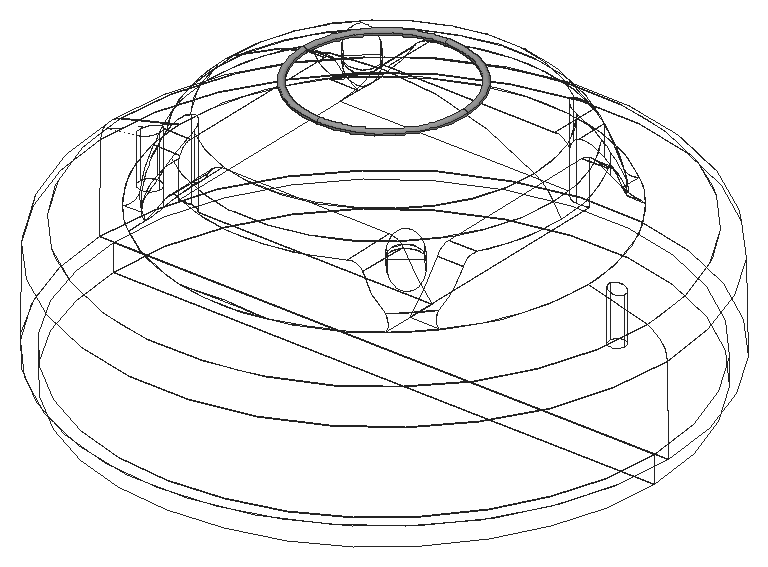
Revit family "Maxlogic Пожарные извещатели", category Fire Alarm Devices, host Face, Revit 2021
Family settings
  Host = Face
  Maintain Annotation Orientation = Yes
  Round Connector Dimension = Use Diameter
  Part Type = Normal
  OmniClass Number = 23.85.30.21
  OmniClass Title = Environmental Detection/Registration
  Cut with Voids When Loaded = No
  Shared = No
  Room Calculation Point = No
Parameters (values of type "Неадресный максимально-дифференциальный тепловой извещатель")
  Радиус обнаружения = "4,5 m"
  Вес = "135 гр"
  Монтажный короб для установки извещателя с поверхностной прокладкой кабеля = "ML-0121"
  Гарантийный срок = "Года"
  Гарантийный срок запчастей = "2"
  Гарантия срока службы = "2"
  Версия = ""
  URL = "https://www.mavili.com.tr/"
  Монтажный комплект для установки извещателя в подвесной потолок = "ML-0150"
  Номер позы общественных работ = "832-103"
  Класс защиты = ""
  Код продукта = "ML-2130"
  Номер телефона = "(+)90 216 466 45 05"
  Рабочее напряжение (по умолчанию) = "26 В Пост. ток"
  Диапазон рабочего напряжения = "10-30В Пост. ток"
  Рабочая Температура = "(-10°C) - (+50°C)"
  Номинальная глубина = "51 мм"
  Номинальная ширина = "106 мм"
  Номинальная высота = "106 мм"
  Multi sensör halka = no
  Монтажная поверхность = "Потолочная"
  Монтажная высота = ""
  Model = "Maxlogic"
  Manufacturer = "Mavili Elektronik Ticaret A.Ş."
  Isı halka = yes
  Инструкция по установке = "https://mavilielektronik.com/Revit/ML21XX_RU.pdf"
  Выход индикации = "MG-4000"
  Номер факса = "(+)90 216 466 45 10"
  Резервное питание = ""
  Почта = "mavili@mavili.com.tr"
  Отказ = ""
  Настройка адреса устройства = ""
  Description = "Неадресный максимально-дифференциальный тепловой извещатель"
  Default Elevation = 0 mm
  Потребление тока = ""
  Валюта = ""
  Cost = 0
  Совместимые базы для монтажа 2 = "ML-0141"
  Совместимые базы для монтажа = "ML-0140"
  Цвет = "Белый"
  Производительность кода = "EN 54-5"
  Главный Материал = "Белый пластмассовый PC/ABS"
  Вторичный материал = "Пластмассовый"
  Адрес №1 = "Şerifali Mahallesi Kutup Sokak No:27/1-2-4 Ümraniye TR-34775 İSTANBUL"
Types (11, lengths in mm): name | Радиус обнаружения | Вес | Номер позы общественных работ | Код продукта | Диапазон рабочего напряжения | Multi sensör halka | Монтажная поверхность | Isı halka | Инструкция по установке | Выход индикации | Настройка адреса устройства | Description | Производительность кода
  (no name) | "4,5 m" | "135 гр" | "832-103" | "ML-2130" | "10-30В Пост. ток" | no | "Потолочная" | yes | "https://mavilielektronik.com/Revit/ML21XX_RU.pdf" | "MG-4000" | "" | "Неадресный максимально-дифференциальный тепловой извещатель" | "EN 54-5"
  Maxlogic Неадресный извещатель дымовой оптико-электронный | "6,2 m" | "140 гр" | "832-106" | "ML-2110" | "10-30В Пост. ток" | no | "Потолочная" | no | "https://mavilielektronik.com/Revit/ML21XX_RU.pdf" | "MG-4000" | "" | "Неадресный извещатель дымовой оптико-электронный" | "EN 54-7"
  Maxlogic Адресный извещатель дымовой | "6,2 m" | "100 гр" | "833-500" | "ML-1110" | "18-33В Пост. ток" | no | "Настенная" | no | "https://mavilielektronik.com/Revit/ML11XX_RU.pdf" | "MG-4000.A" | "Модульная адресация" | "Адресный извещатель дымовой" | "EN 54-7"
  Maxlogic Адресный Извещатель дымовой с изолятором КЗ | "6,2 m" | "100 гр" | "833-501" | "ML-1110.SCI" | "18-33В Пост. ток" | no | "Потолочная" | no | "https://mavilielektronik.com/Revit/ML11XX_RU.pdf" | "MG-4000.A" | "Модульная адресация" | "Адресный Извещатель дымовой с изолятором КЗ" | "EN 54-7 / EN 54-17"
  Maxlogic Неадресный максимальный тепловой извещатель | "4,5 m" | "135 гр" | "832-102" | "ML-2120" | "10-30В Пост. ток" | no | "Потолочная" | yes | "https://mavilielektronik.com/Revit/ML21XX_RU.pdf" | "MG-4000" | "" | "Неадресный максимальный тепловой извещатель" | "EN 54-5"
  Неадресный максимально-дифференциальный тепловой извещатель | "4,5 m" | "135 гр" | "832-103" | "ML-2130" | "10-30В Пост. ток" | no | "Потолочная" | yes | "https://mavilielektronik.com/Revit/ML21XX_RU.pdf" | "MG-4000" | "" | "Неадресный максимально-дифференциальный тепловой извещатель" | "EN 54-5"
  Maxlogic  Адресный извещатель тепловой | "4,5 m" | "95 гр" | "833-520" | "ML-1130" | "18-33В Пост. ток" | no | "Потолочная" | yes | "https://mavilielektronik.com/Revit/ML11XX_RU.pdf" | "MG-4000.A" | "Модульная адресация" | "Адресный извещатель тепловой" | "EN 54-5"
  Maxlogic Адресный извещатель тепловой с изолятором КЗ | "4,5 m" | "95 гр" | "833-521" | "ML-1130.SCI" | "18-33В Пост. ток" | no | "Потолочная" | yes | "https://mavilielektronik.com/Revit/ML11XX_RU.pdf" | "MG-4000.A" | "Модульная адресация" | "Адресный извещатель тепловой с изолятором КЗ" | "EN 54-5 / EN 54-17"
  Maxlogic Неадресный извещатель комбинированый (Дым + Тепла) | "4,5 m" | "141 гр" | "832-109" | "ML-2140" | "10-30В Пост. ток" | yes | "Потолочная" | yes | "https://mavilielektronik.com/Revit/ML21XX_RU.pdf" | "MG-4000" | "" | "Неадресный извещатель комбинированый (Дым + Тепла)" | "EN 54-5 / EN 54-7"
  Maxlogic Адресный извещатель комбинированый (Дым + Тепла) | "4,5 m" | "100 гр" | "833-530" | "ML-1140" | "18-33В Пост. ток" | yes | "Потолочная" | yes | "https://mavilielektronik.com/Revit/ML11XX_RU.pdf" | "MG-4000.A" | "Модульная адресация" | "Адресный извещатель комбинированый (Дым + Тепла)" | "EN 54-5 / EN 54-7 / EN 54-17"
  Maxlogic Адресный извещатель комбинированый (Дым + Тепла) с изолятором КЗ | "4,5 m" | "100 гр" | "833-531" | "ML-1140.SCI" | "18-33В Пост. ток" | yes | "Потолочная" | yes | "https://mavilielektronik.com/Revit/ML11XX_RU.pdf" | "MG-4000.A" | "Модульная адресация" | "Адресный извещатель комбинированый (Дым + Тепла) с изолятором КЗ" | "EN 54-5 / EN 54-7 / EN 54-17"
Reference planes
  plane 1 "Center (Front/Back)": y = 0
  plane 2: z = 0
  plane 3 "Center (Left/Right)": x = 0
Forms (mm)
  Revolve 1, solid, material "Mavili beyaz"
    sketch origin (0, 0, 0) x (1, 0, 0) y (0, 0, 1)
      loop
        line (-52.919, 5) -> (0, 5) -> (0, 51.518)
        arc (0, 51.518) -> (-14.553, 49.716) -> (-28.057, 44) r 53.06
        arc (-28.057, 44) -> (-30.023, 42.467) -> (-31.557, 40.5) r 10.149
        arc (-31.557, 40.5) -> (-33.994, 35.835) -> (-35.524, 30.799) r 28.268
        arc (-35.524, 30.799) -> (-36.595, 29.67) -> (-38, 29) r 4.27
        line (-38, 29) -> (-48.929, 26.072)
        arc (-48.929, 26.072) -> (-51.575, 24.32) -> (-52.634, 21.329) r 5
        line (-52.634, 21.329) -> (-52.919, 5)
      axis (0, 5) -> (0, 51.518)
    angle from 0 to 360
  Revolve 2, solid, material "Mavili beyaz"
    sketch origin (-150, 0, 0) x (1, 0, 0) y (0, 0, 1)
      loop
        line (99.626, 5) -> (99.626, 0) -> (149.926, 0) -> (149.926, 5) -> (99.626, 5)
      axis (149.926, 0) -> (149.926, 5)
    angle from 0 to 360
  Extrusion 3, void
    sketch origin (-0.604, 5.6, 0) x (0, -1, 0) y (0, 0, 1)
      loop
        spline (-12.932, 36.606) -> (-13.32, 35.909) -> (-13.72, 35.223) -> (-14.132, 34.547) -> (-14.556, 33.882) -> (-14.992, 33.229) -> (-15.439, 32.588) -> (-15.897, 31.958) -> (-16.366, 31.341) -> (-16.847, 30.737) -> (-17.338, 30.145) -> (-17.839, 29.566) -> (-18.351, 29)
        line (-18.351, 29) -> (29.551, 29)
        spline (29.551, 29) -> (28.951, 29.556) -> (28.363, 30.124) -> (27.786, 30.704) -> (27.219, 31.297) -> (26.664, 31.901) -> (26.121, 32.516) -> (25.589, 33.143) -> (25.07, 33.781) -> (24.562, 34.43) -> (24.067, 35.09) -> (23.585, 35.759) -> (23.115, 36.439)
        spline (23.115, 36.439) -> (22.965, 36.668) -> (22.796, 36.886) -> (22.611, 37.091) -> (22.411, 37.28) -> (22.199, 37.451) -> (21.978, 37.602) -> (21.751, 37.73) -> (21.521, 37.835) -> (21.289, 37.914) -> (21.06, 37.967) -> (20.837, 37.993) -> (20.618, 38)
        line (20.618, 38) -> (-10.439, 37.994)
        spline (-10.439, 37.994) -> (-10.678, 37.983) -> (-10.918, 37.951) -> (-11.159, 37.897) -> (-11.397, 37.822) -> (-11.63, 37.727) -> (-11.856, 37.613) -> (-12.072, 37.481) -> (-12.276, 37.332) -> (-12.466, 37.169) -> (-12.64, 36.992) -> (-12.796, 36.804) -> (-12.932, 36.606)
    from 23.347 to 38.235
  Extrusion 4, void
    sketch origin (5.6, -13.629, 0) x (-1, 0, 0) y (0, 0, -1)
      loop
        spline (-12.932, -36.606) -> (-12.796, -36.804) -> (-12.64, -36.992) -> (-12.466, -37.169) -> (-12.276, -37.332) -> (-12.072, -37.481) -> (-11.856, -37.613) -> (-11.63, -37.727) -> (-11.397, -37.822) -> (-11.159, -37.897) -> (-10.918, -37.951) -> (-10.678, -37.983) -> (-10.439, -37.994)
        line (-10.439, -37.994) -> (20.618, -38)
        spline (20.618, -38) -> (20.837, -37.993) -> (21.06, -37.967) -> (21.289, -37.914) -> (21.521, -37.835) -> (21.751, -37.73) -> (21.978, -37.602) -> (22.199, -37.451) -> (22.411, -37.28) -> (22.611, -37.091) -> (22.796, -36.886) -> (22.965, -36.668) -> (23.115, -36.439)
        spline (23.115, -36.439) -> (23.585, -35.759) -> (24.067, -35.09) -> (24.562, -34.43) -> (25.07, -33.781) -> (25.589, -33.143) -> (26.121, -32.516) -> (26.664, -31.901) -> (27.219, -31.297) -> (27.786, -30.704) -> (28.363, -30.124) -> (28.951, -29.556) -> (29.551, -29)
        line (29.551, -29) -> (-18.351, -29)
        spline (-18.351, -29) -> (-17.839, -29.566) -> (-17.338, -30.145) -> (-16.847, -30.737) -> (-16.366, -31.341) -> (-15.897, -31.958) -> (-15.439, -32.588) -> (-14.992, -33.229) -> (-14.556, -33.882) -> (-14.132, -34.547) -> (-13.72, -35.223) -> (-13.32, -35.909) -> (-12.932, -36.606)
    from 5.109 to 23.424
  Extrusion 5, void
    sketch origin (5.6, 59.203, 0) x (-1, 0, 0) y (0, 0, 1)
      loop
        spline (-12.932, 36.606) -> (-13.32, 35.909) -> (-13.72, 35.223) -> (-14.132, 34.547) -> (-14.556, 33.882) -> (-14.992, 33.229) -> (-15.439, 32.588) -> (-15.897, 31.958) -> (-16.366, 31.341) -> (-16.847, 30.737) -> (-17.338, 30.145) -> (-17.839, 29.566) -> (-18.351, 29)
        line (-18.351, 29) -> (29.551, 29)
        spline (29.551, 29) -> (28.951, 29.556) -> (28.363, 30.124) -> (27.786, 30.704) -> (27.219, 31.297) -> (26.664, 31.901) -> (26.121, 32.516) -> (25.589, 33.143) -> (25.07, 33.781) -> (24.562, 34.43) -> (24.067, 35.09) -> (23.585, 35.759) -> (23.115, 36.439)
        spline (23.115, 36.439) -> (22.965, 36.668) -> (22.796, 36.886) -> (22.611, 37.091) -> (22.411, 37.28) -> (22.199, 37.451) -> (21.978, 37.602) -> (21.751, 37.73) -> (21.521, 37.835) -> (21.289, 37.914) -> (21.06, 37.967) -> (20.837, 37.993) -> (20.618, 38)
        line (20.618, 38) -> (-10.439, 37.994)
        spline (-10.439, 37.994) -> (-10.678, 37.983) -> (-10.918, 37.951) -> (-11.159, 37.897) -> (-11.397, 37.822) -> (-11.63, 37.727) -> (-11.856, 37.613) -> (-12.072, 37.481) -> (-12.276, 37.332) -> (-12.466, 37.169) -> (-12.64, 36.992) -> (-12.796, 36.804) -> (-12.932, 36.606)
    from -39.5 to -20.535
  Extrusion 6, void
    sketch origin (39.396, 5.6, 0) x (0, -1, 0) y (0, 0, 1)
      loop
        spline (-12.932, 36.606) -> (-13.32, 35.909) -> (-13.72, 35.223) -> (-14.132, 34.547) -> (-14.556, 33.882) -> (-14.992, 33.229) -> (-15.439, 32.588) -> (-15.897, 31.958) -> (-16.366, 31.341) -> (-16.847, 30.737) -> (-17.338, 30.145) -> (-17.839, 29.566) -> (-18.351, 29)
        line (-18.351, 29) -> (29.551, 29)
        spline (29.551, 29) -> (28.951, 29.556) -> (28.363, 30.124) -> (27.786, 30.704) -> (27.219, 31.297) -> (26.664, 31.901) -> (26.121, 32.516) -> (25.589, 33.143) -> (25.07, 33.781) -> (24.562, 34.43) -> (24.067, 35.09) -> (23.585, 35.759) -> (23.115, 36.439)
        spline (23.115, 36.439) -> (22.965, 36.668) -> (22.796, 36.886) -> (22.611, 37.091) -> (22.411, 37.28) -> (22.199, 37.451) -> (21.978, 37.602) -> (21.751, 37.73) -> (21.521, 37.835) -> (21.289, 37.914) -> (21.06, 37.967) -> (20.837, 37.993) -> (20.618, 38)
        line (20.618, 38) -> (-10.439, 37.994)
        spline (-10.439, 37.994) -> (-10.678, 37.983) -> (-10.918, 37.951) -> (-11.159, 37.897) -> (-11.397, 37.822) -> (-11.63, 37.727) -> (-11.856, 37.613) -> (-12.072, 37.481) -> (-12.276, 37.332) -> (-12.466, 37.169) -> (-12.64, 36.992) -> (-12.796, 36.804) -> (-12.932, 36.606)
    from 0.766 to 15.446
  Extrusion 7, void
    sketch origin (1.322, 1.416, 4) x (0.087156, -0.996195, 0) y (-0.996195, -0.087156, 0)
      loop
        spline (16.87, 24.595) -> (16.963, 24.272) -> (17.107, 23.921) -> (17.305, 23.553) -> (17.56, 23.185) -> (17.87, 22.83) -> (18.224, 22.508) -> (18.612, 22.228) -> (19.022, 21.999) -> (19.436, 21.825) -> (19.839, 21.707) -> (20.213, 21.639) -> (20.55, 21.615)
        arc (20.55, 21.615) -> (22.96, 22.422) -> (24.65, 24.318) r 4.946
        spline (24.65, 24.318) -> (24.838, 24.591) -> (24.975, 24.904) -> (25.062, 25.252) -> (25.095, 25.63) -> (25.076, 26.032) -> (25.004, 26.452) -> (24.88, 26.884) -> (24.706, 27.321) -> (24.484, 27.757) -> (24.219, 28.185) -> (23.914, 28.599) -> (23.573, 28.992)
        spline (23.573, 28.992) -> (23.149, 29.264) -> (22.709, 29.497) -> (22.26, 29.69) -> (21.807, 29.839) -> (21.358, 29.942) -> (20.919, 29.998) -> (20.495, 30.005) -> (20.094, 29.964) -> (19.72, 29.875) -> (19.379, 29.74) -> (19.075, 29.561) -> (18.814, 29.339)
        arc (18.814, 29.339) -> (17.158, 27.248) -> (16.87, 24.595) r 4.815
    from -52.091 to -25
  Extrusion 8, void
    sketch origin (-1.322, -1.416, 4) x (-0.087156, 0.996195, 0) y (0.996195, 0.087156, 0)
      loop
        spline (16.87, 24.595) -> (16.963, 24.272) -> (17.107, 23.921) -> (17.305, 23.553) -> (17.56, 23.185) -> (17.87, 22.83) -> (18.224, 22.508) -> (18.612, 22.228) -> (19.022, 21.999) -> (19.436, 21.825) -> (19.839, 21.707) -> (20.213, 21.639) -> (20.55, 21.615)
        arc (20.55, 21.615) -> (22.96, 22.422) -> (24.65, 24.318) r 4.946
        spline (24.65, 24.318) -> (24.838, 24.591) -> (24.975, 24.904) -> (25.062, 25.252) -> (25.095, 25.63) -> (25.076, 26.032) -> (25.004, 26.452) -> (24.88, 26.884) -> (24.706, 27.321) -> (24.484, 27.757) -> (24.219, 28.185) -> (23.914, 28.599) -> (23.573, 28.992)
        spline (23.573, 28.992) -> (23.149, 29.264) -> (22.709, 29.497) -> (22.26, 29.69) -> (21.807, 29.839) -> (21.358, 29.942) -> (20.919, 29.998) -> (20.495, 30.005) -> (20.094, 29.964) -> (19.72, 29.875) -> (19.379, 29.74) -> (19.075, 29.561) -> (18.814, 29.339)
        arc (18.814, 29.339) -> (17.158, 27.248) -> (16.87, 24.595) r 4.815
    from -52.091 to -25
  Revolve 9, solid, material "Glass"
    sketch origin (0.301, -0.834, 36.83) x (0.996195, 0.087156, 0) y (-0.087156, 0.996195, 0)
      loop
        spline (-18.665, 27.53) -> (-19.251, 27.95) -> (-19.899, 28.27) -> (-20.595, 28.463) -> (-21.318, 28.496) -> (-22.023, 28.338) -> (-22.649, 27.979) -> (-23.134, 27.443) -> (-23.439, 26.785) -> (-23.559, 26.071) -> (-23.516, 25.347) -> (-23.339, 24.648) -> (-23.047, 23.981)
        spline (-23.047, 23.981) -> (-22.978, 23.855) -> (-22.905, 23.731) -> (-22.829, 23.609) -> (-22.75, 23.49) -> (-22.667, 23.372) -> (-22.58, 23.258) -> (-22.491, 23.145) -> (-22.398, 23.036) -> (-22.303, 22.929) -> (-22.204, 22.824) -> (-22.103, 22.722) -> (-21.998, 22.624)
        line (-21.998, 22.624) -> (-17.511, 26.168)
        spline (-17.511, 26.168) -> (-17.589, 26.296) -> (-17.67, 26.421) -> (-17.755, 26.544) -> (-17.843, 26.665) -> (-17.935, 26.783) -> (-18.03, 26.898) -> (-18.128, 27.01) -> (-18.229, 27.12) -> (-18.334, 27.227) -> (-18.441, 27.331) -> (-18.552, 27.432) -> (-18.665, 27.53)
      axis (-21.998, 22.624) -> (-17.511, 26.168)
    angle from 172.048 to -180
  Revolve 10, solid, material "Glass"
    sketch origin (-0.301, 0.834, 36.83) x (-0.996195, -0.087156, 0) y (0.087156, -0.996195, 0)
      loop
        spline (-18.665, 27.53) -> (-19.251, 27.95) -> (-19.899, 28.27) -> (-20.595, 28.463) -> (-21.318, 28.496) -> (-22.023, 28.338) -> (-22.649, 27.979) -> (-23.134, 27.443) -> (-23.439, 26.785) -> (-23.559, 26.071) -> (-23.516, 25.347) -> (-23.339, 24.648) -> (-23.047, 23.981)
        spline (-23.047, 23.981) -> (-22.978, 23.855) -> (-22.905, 23.731) -> (-22.829, 23.609) -> (-22.75, 23.49) -> (-22.667, 23.372) -> (-22.58, 23.258) -> (-22.491, 23.145) -> (-22.398, 23.036) -> (-22.303, 22.929) -> (-22.204, 22.824) -> (-22.103, 22.722) -> (-21.998, 22.624)
        line (-21.998, 22.624) -> (-17.511, 26.168)
        spline (-17.511, 26.168) -> (-17.589, 26.296) -> (-17.67, 26.421) -> (-17.755, 26.544) -> (-17.843, 26.665) -> (-17.935, 26.783) -> (-18.03, 26.898) -> (-18.128, 27.01) -> (-18.229, 27.12) -> (-18.334, 27.227) -> (-18.441, 27.331) -> (-18.552, 27.432) -> (-18.665, 27.53)
      axis (-21.998, 22.624) -> (-17.511, 26.168)
    angle from 172.048 to -180
  Sweep 11, solid, material "Mavili siyah.1", visible <- "Isı halka"
    path origin (0, 0, 49.5) x (0, 1, 0) y (-1, 0, 0)
      loop
        arc (14.84, 0.029) -> (10.47, 10.578) -> (-0.079, 14.948) r 14.919
        arc (-0.079, 14.948) -> (-10.638, 10.574) -> (-15.012, 0.015) r 14.932
        arc (-15.012, 0.015) -> (-10.638, -10.543) -> (-0.079, -14.917) r 14.932
        arc (-0.079, -14.917) -> (10.479, -10.538) -> (14.84, 0.029) r 14.919
    profile origin (10.538, 10.479, 49.5) x (0.706483, 0.70773, 0) y (0, 0, 1)
      loop
        circle (0, 0) r 0.5
  Sweep 12, solid, material "Mavili siyah.1", visible <- "Multi sensör halka"
    path origin (0, 0, 48.025) x (0, 1, 0) y (-1, 0, 0)
      loop
        arc (19.793, 0.005) -> (13.97, 14.063) -> (-0.088, 19.886) r 19.881
        arc (-0.088, 19.886) -> (-14.145, 14.063) -> (-19.968, 0.006) r 19.88
        arc (-19.968, 0.006) -> (-14.143, -14.057) -> (-0.079, -19.882) r 19.889
        arc (-0.079, -19.882) -> (13.978, -14.057) -> (19.793, 0.005) r 19.872
    profile origin (14.057, 13.978, 48.025) x (0.706832, 0.707382, 0) y (0, 0, 1)
      loop
        circle (0, 0) r 0.5
  Extrusion 13, void
    sketch origin (0, 0, 29) x (0, 1, 0) y (-1, 0, 0)
      loop
        circle (-2.981, 41.129) r 2
      loop
        circle (2.823, -41.129) r 1.5
    from 0 to -10
Cuts and joins
  Extrusion 3, Extrusion 4, Extrusion 5, Extrusion 6, Extrusion 7, Extrusion 8, Extrusion 13 cuts Revolve 1
Dimensions and locks
  radius of Sweep 11 sketch curve = 0.5 mm
  aligned and locked: plane 2 to host face
  aligned and locked: level to host face
